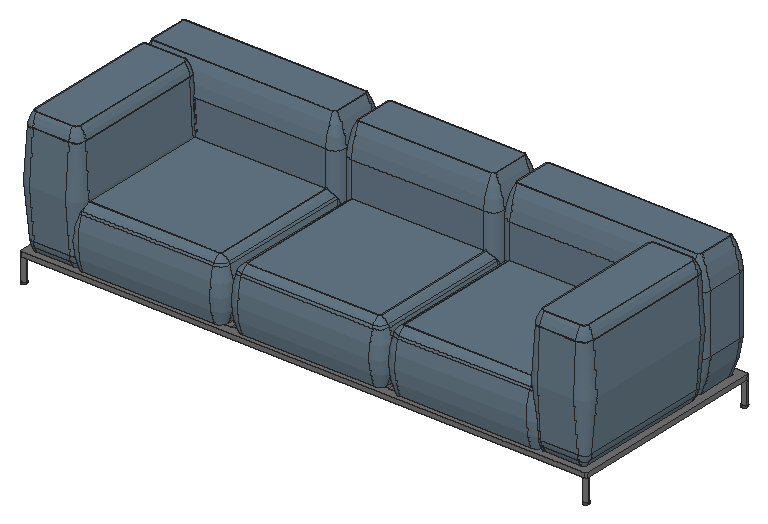
Revit family "Haworth_Mex-Hi_Sofa_TwoArms", category Furniture, Revit 2018 (continued)
Definition of nested family "Haworth_Mex-Hi_Sofa_Seat-Wide-PART"
  Forms (in)
    Extrusion 8, solid, material <- "Seat Upholstery Finish", visible <- "Middle Large Seat"
      sketch origin (4.78944, 14.97405, 0) x (1, 0, 0) y (0, 1, 0)
        loop
          line (8.99067, -14.32811) -> (-30.80933, -14.32811)
          arc (-30.80933, -14.32811) -> (-30.95632, -14.38899) -> (-31.0172, -14.53597) r 0.20787
          line (-31.0172, -14.53597) -> (-31.0172, -37.69252)
          arc (-31.0172, -37.69252) -> (-30.95632, -37.83951) -> (-30.80933, -37.90039) r 0.20787
          line (-30.80933, -37.90039) -> (8.99067, -37.90039)
          arc (8.99067, -37.90039) -> (9.13765, -37.83951) -> (9.19853, -37.69252) r 0.20787
          line (9.19853, -37.69252) -> (9.19853, -14.53597)
      from 4.88189 to 15.36974
  Lines and regions (in)
    Masking region 1, visible <- "Middle Small Seat"
      outline origin (0, 0, 0) x (1, 0, 0) y (0, 1, 0)
        loop
          line (-23.80117, 0.15039) -> (-23.80117, -22.93079)
          arc (-23.80117, -22.93079) -> (-23.06894, -24.69856) -> (-21.30117, -25.43079) r 2.5
          line (-21.30117, -25.43079) -> (9.06138, -25.43079)
          arc (9.06138, -25.43079) -> (10.82915, -24.69856) -> (11.56138, -22.93079) r 2.5
          line (11.56138, -22.93079) -> (11.56138, 0.15039)
          arc (11.56138, 0.15039) -> (10.82915, 1.91816) -> (9.06138, 2.65039) r 2.5
          line (9.06138, 2.65039) -> (-21.30117, 2.65039)
          arc (-21.30117, 2.65039) -> (-23.06894, 1.91816) -> (-23.80117, 0.15039) r 2.5
    Masking region 2, visible <- "L/R Seat"
      outline origin (0, 0, 0) x (1, 0, 0) y (0, 1, 0)
        loop
          line (-19.80117, 0.15039) -> (-19.80117, -22.93079)
          arc (-19.80117, -22.93079) -> (-19.06894, -24.69856) -> (-17.30117, -25.43079) r 2.5
          line (-17.30117, -25.43079) -> (5.06138, -25.43079)
          arc (5.06138, -25.43079) -> (6.82915, -24.69856) -> (7.56138, -22.93079) r 2.5
          line (7.56138, -22.93079) -> (7.56138, 0.15039)
          arc (7.56138, 0.15039) -> (6.82915, 1.91816) -> (5.06138, 2.65039) r 2.5
          line (5.06138, 2.65039) -> (-17.30117, 2.65039)
          arc (-17.30117, 2.65039) -> (-19.06894, 1.91816) -> (-19.80117, 0.15039) r 2.5
    Masking region 3, visible <- "Peninsula Seat"
      outline origin (0, 0, 0) x (1, 0, 0) y (0, 1, 0)
        loop
          line (4.77305, 0.27539) -> (-28.30117, 0.27539)
          arc (-28.30117, 0.27539) -> (-29.89216, -0.38362) -> (-30.55117, -1.97461) r 2.25
          line (-30.55117, -1.97461) -> (-30.55117, -23.05579)
          arc (-30.55117, -23.05579) -> (-29.89216, -24.64678) -> (-28.30117, -25.30579) r 2.25
          line (-28.30117, -25.30579) -> (18.93638, -25.30579)
          arc (18.93638, -25.30579) -> (20.52737, -24.64678) -> (21.18638, -23.05579) r 2.25
          line (21.18638, -23.05579) -> (21.18638, 8.52539)
          arc (21.18638, 8.52539) -> (20.52737, 10.11638) -> (18.93638, 10.77539) r 2.25
          line (18.93638, 10.77539) -> (7.02305, 10.77539)
          arc (7.02305, 10.77539) -> (5.43206, 10.11638) -> (4.77305, 8.52539) r 2.25
          line (4.77305, 8.52539) -> (4.77305, 0.27539)
    Masking region 4, visible <- "Middle Large Seat"
      outline origin (0, 0, 0) x (1, 0, 0) y (0, 1, 0)
        loop
          line (-28.42172, 0.15039) -> (-28.42172, -22.93079)
          arc (-28.42172, -22.93079) -> (-27.68949, -24.69856) -> (-25.92172, -25.43079) r 2.5
          line (-25.92172, -25.43079) -> (13.61448, -25.43079)
          arc (13.61448, -25.43079) -> (15.38225, -24.69856) -> (16.11448, -22.93079) r 2.5
          line (16.11448, -22.93079) -> (16.11448, 0.15039)
          arc (16.11448, 0.15039) -> (15.38225, 1.91816) -> (13.61448, 2.65039) r 2.5
          line (13.61448, 2.65039) -> (-25.92172, 2.65039)
          arc (-25.92172, 2.65039) -> (-27.68949, 1.91816) -> (-28.42172, 0.15039) r 2.5
  Dimensions and locks (in)
    equal spacing: plane 8 "Left", plane 2 "Center L/R", plane 7 "Right"
    "Actual Width": plane 8 "Left" to plane 7 "Right"
    equal spacing: plane 5 "Back", plane 3 "Center F/B", plane 6 "Front"
    "Actual Depth": plane 5 "Back" to plane 6 "Front"
    "Actual Height": plane 4 "Top" to plane 1
    "Seat Height": plane 9 to level
    aligned and locked: Sweep 7 to Extrusion 8 sketch curve
    aligned and locked: Extrusion 8 sketch curve to Sweep 7
  Automatic sketch dimensions
    plane 8 "Left" to Extrusion 1 sketch curve = 2.29174"
    Extrusion 1 sketch curve to Extrusion 1 sketch curve = 0.20787"  (x3)
    Extrusion 1 sketch curve to plane 7 "Right" = 2.49961"  (x2)
    plane 6 "Front" to Extrusion 1 sketch curve = 2.72405"
    Extrusion 1 sketch curve to plane 5 "Back" = 2.71232"
    plane 8 "Left" to Sweep 2 sketch curve = 0.74961"
    Sweep 2 sketch curve to plane 5 "Back" = 0.96232"
    Sweep 2 sketch curve to Sweep 2 sketch curve = 1.75"  (x2)
    plane 6 "Front" to Sweep 2 sketch curve = 1.18191"
    Sweep 2 sketch curve to plane 7 "Right" = 2.49961"  (x2)
    Sweep 2 sketch curve to plane 7 "Right" = 0.74961"
    profile plane to Sweep 2 sketch curve = 12.08096"
    profile plane to Sweep 2 sketch curve = 3.28358"
    profile plane to Sweep 2 sketch curve = 1.54213"
    profile plane to Sweep 2 sketch curve = 1.45935"
    profile plane to Sweep 2 sketch curve = 0.41268"
    level to Sweep 2 sketch curve = 4.88189"
    level to Sweep 2 sketch curve = 9.80008"
    Sweep 2 sketch curve to Sweep 2 sketch curve = 7.21954"
    Sweep 2 sketch curve to Sweep 2 sketch curve = 1.36158"
    Sweep 2 sketch curve to Sweep 2 sketch curve = 1.90673"
    Sweep 2 sketch curve to Sweep 2 sketch curve = 0.00"
    plane 6 "Front" to Extrusion 3 sketch curve = 2.93191"  (x2)
    plane 8 "Left" to Extrusion 3 sketch curve = 6.29174"
    Extrusion 3 sketch curve to Extrusion 3 sketch curve = 0.20787"  (x2)
    Extrusion 3 sketch curve to plane 5 "Back" = 2.71232"
    Extrusion 3 sketch curve to plane 7 "Right" = 6.49961"  (x2)
    plane 8 "Left" to Sweep 4 sketch curve = 4.74961"
    Sweep 4 sketch curve to plane 5 "Back" = 0.96232"
    Sweep 4 sketch curve to Sweep 4 sketch curve = 1.75"  (x3)
    plane 6 "Front" to Sweep 4 sketch curve = 1.18191"
    plane 6 "Front" to Sweep 4 sketch curve = 2.93191"
    Sweep 4 sketch curve to plane 7 "Right" = 6.49961"
    profile plane to Sweep 4 sketch curve = 12.08096"
    profile plane to Sweep 4 sketch curve = 3.28358"
    profile plane to Sweep 4 sketch curve = 1.54213"
    profile plane to Sweep 4 sketch curve = 1.45935"
    profile plane to Sweep 4 sketch curve = 0.41268"
    level to Sweep 4 sketch curve = 4.88189"
    level to Sweep 4 sketch curve = 9.80008"
    Sweep 4 sketch curve to Sweep 4 sketch curve = 7.21954"
    Sweep 4 sketch curve to Sweep 4 sketch curve = 1.36158"
    Sweep 4 sketch curve to Sweep 4 sketch curve = 1.90673"
    Sweep 4 sketch curve to Sweep 4 sketch curve = 0.00"
    plane 8 "Left" to Masking region 1 sketch curve = 0.16833"
    plane 6 "Front" to Masking region 1 sketch curve = 0.4696"
    plane 8 "Left" to Masking region 1 sketch curve = 2.66833"
    Masking region 1 sketch curve to Masking region 1 sketch curve = 2.50"
    Masking region 1 sketch curve to plane 5 "Back" = 0.25"
    Masking region 1 sketch curve to plane 7 "Right" = 2.66833"  (x2)
    Masking region 1 sketch curve to plane 7 "Right" = 0.16833"
    plane 8 "Left" to Masking region 2 sketch curve = 4.16833"
    Masking region 2 sketch curve to Masking region 2 sketch curve = 2.50"  (x3)
    Masking region 2 sketch curve to plane 5 "Back" = 0.25"
    Masking region 2 sketch curve to plane 7 "Right" = 6.66833"  (x2)
    plane 6 "Front" to Masking region 2 sketch curve = 0.4696"
    Sweep 5 sketch curve to plane 8 "Left" = 5.99435"
    Sweep 5 sketch curve to Sweep 5 sketch curve = 1.75"  (x4)
    Sweep 5 sketch curve to plane 7 "Right" = 6.36935"
    plane 7 "Right" to Sweep 5 sketch curve = 7.11935"  (x2)
    plane 6 "Front" to Sweep 5 sketch curve = 2.93191"
    Sweep 5 sketch curve to plane 5 "Back" = 4.96232"
    plane 5 "Back" to Sweep 5 sketch curve = 5.53768"
    profile plane to Sweep 5 sketch curve = 12.08096"
    profile plane to Sweep 5 sketch curve = 3.28358"
    profile plane to Sweep 5 sketch curve = 1.54213"
    profile plane to Sweep 5 sketch curve = 1.45935"
    profile plane to Sweep 5 sketch curve = 0.41268"
    level to Sweep 5 sketch curve = 4.88189"
    level to Sweep 5 sketch curve = 9.80008"
    Sweep 5 sketch curve to Sweep 5 sketch curve = 7.21954"
    Sweep 5 sketch curve to Sweep 5 sketch curve = 1.36158"
    Sweep 5 sketch curve to Sweep 5 sketch curve = 1.90673"
    Sweep 5 sketch curve to Sweep 5 sketch curve = 0.00"
    Extrusion 6 sketch curve to plane 8 "Left" = 4.45222"
    Extrusion 6 sketch curve to Extrusion 6 sketch curve = 0.20787"  (x4)
    Extrusion 6 sketch curve to plane 7 "Right" = 4.82722"
    plane 6 "Front" to Extrusion 6 sketch curve = 2.72405"
    plane 7 "Right" to Extrusion 6 sketch curve = 7.11935"  (x2)
    Extrusion 6 sketch curve to plane 5 "Back" = 4.96232"
    plane 5 "Back" to Extrusion 6 sketch curve = 5.53768"
    Masking region 3 sketch curve to plane 8 "Left" = 6.58167"
    plane 6 "Front" to Masking region 3 sketch curve = 0.5946"
    Masking region 3 sketch curve to Masking region 3 sketch curve = 2.25"  (x4)
    Masking region 3 sketch curve to plane 5 "Back" = 2.625"
    Masking region 3 sketch curve to plane 7 "Right" = 6.95667"
    plane 7 "Right" to Masking region 3 sketch curve = 7.20667"  (x2)
    plane 5 "Back" to Masking region 3 sketch curve = 5.625"
    Sweep 7 sketch curve to plane 8 "Left" = 3.80039"
    Sweep 7 sketch curve to plane 5 "Back" = 0.96232"
    Sweep 7 sketch curve to plane 8 "Left" = 2.05039"  (x2)
    plane 6 "Front" to Sweep 7 sketch curve = 1.18191"
    plane 7 "Right" to Sweep 7 sketch curve = 2.05039"  (x2)
    Sweep 7 sketch curve to Sweep 7 sketch curve = 1.75"
    profile plane to Sweep 7 sketch curve = 12.08096"
    profile plane to Sweep 7 sketch curve = 3.28358"
    profile plane to Sweep 7 sketch curve = 1.54213"
    profile plane to Sweep 7 sketch curve = 1.45935"
    profile plane to Sweep 7 sketch curve = 0.41268"
    level to Sweep 7 sketch curve = 4.88189"
    level to Sweep 7 sketch curve = 9.80008"
    Sweep 7 sketch curve to Sweep 7 sketch curve = 7.21954"
    Sweep 7 sketch curve to Sweep 7 sketch curve = 1.36158"
    Sweep 7 sketch curve to Sweep 7 sketch curve = 1.90673"
    Sweep 7 sketch curve to Sweep 7 sketch curve = 0.00"
    Extrusion 8 sketch curve to Extrusion 8 sketch curve = 0.20787"  (x4)
    plane 6 "Front" to Extrusion 8 sketch curve = 2.97405"
    Extrusion 8 sketch curve to plane 5 "Back" = 2.46232"
    Masking region 4 sketch curve to plane 5 "Back" = 2.75"
    Masking region 4 sketch curve to plane 8 "Left" = 4.45222"
    plane 6 "Front" to Masking region 4 sketch curve = 0.4696"
    Masking region 4 sketch curve to plane 8 "Left" = 1.95222"  (x2)
    plane 7 "Right" to Masking region 4 sketch curve = 1.88477"  (x2)
    Masking region 4 sketch curve to Masking region 4 sketch curve = 2.50"
Definition of nested family "Haworth_Mex-Hi_Sofa_Arm-Wide-PART"
  Parameters (values of type "Arm Wide - PART")
    Warranty = "http://www.haworth.com/resources/product-info/warranties"
    URL - Product = "https://www.haworth.com/na/en/products/lounge-sofas/ottomans/mex-hi-seating.html"
    URL = "https://www.haworth.com/na/en/about/brands/haworth-collection.html"
    Sustainability Info = "https://www.haworth.com/na/en/expertise/sustainability.html"
    Size = "Verify Final Dim. w/ Haworth"  # constant formula
    Seat Height = 17.00"  # constant formula
    Revision Number = "1"  # constant formula
    Model = "Haworth - Cassina - Mex-Hi"  # constant formula
    Manufacturer = "Haworth"  # constant formula
    Description = "Haworth - Cassina - Mex-Hi - Arm - Wide - PART"  # constant formula
    Author = "Haworth (Abd Rahman)"  # constant formula
    Assembly Code = "E2020200"
    Arm Finish [instance] = none
    Actual Width = 10.60"  # constant formula
    Actual Height = 27.39844"  # constant formula
    Actual Depth = 26.95"  # constant formula
  Reference planes (in)
    plane 1: z = 0
    plane 2 "Top": z = 27.39844
    plane 3: z = 17
    plane 4 "Center (Left/Right)": x = -6.86693
    plane 5 "Right": x = -1.56693
    plane 6 "Left": x = -12.16693
    plane 7 "Back": y = 4.0526
    plane 8 "Front": y = -22.8974
    plane 9 "Center (Front/Back)": y = -9.4224
  Forms (in)
    Extrusion 1, solid, material <- "Arm Finish"
      sketch origin (0.63191, -49.7521, 0) x (0, -1, 0) y (1, 0, 0)
        loop
          arc (-51.61789, -3.68512) -> (-52.10354, -3.88628) -> (-52.3047, -4.37193) r 0.68681
          line (-52.3047, -4.37193) -> (-52.3047, -10.62086)
          arc (-52.3047, -10.62086) -> (-52.10354, -11.10651) -> (-51.61789, -11.30768) r 0.68681
          line (-51.61789, -11.30768) -> (-29.02629, -11.30768)
          arc (-29.02629, -11.30768) -> (-28.54064, -11.10651) -> (-28.33948, -10.62086) r 0.68681
          line (-28.33948, -10.62086) -> (-28.33948, -4.37193)
          arc (-28.33948, -4.37193) -> (-28.54064, -3.88628) -> (-29.02629, -3.68512) r 0.68681
          line (-29.02629, -3.68512) -> (-51.61789, -3.68512)
      from 4.93145 to 26.69365
    Sweep 2, solid, material <- "Arm Finish"
      path origin (2.28007, -11.64795, 0) x (0, -1, 0) y (1, 0, 0)
        loop
          arc (-13.51374, -5.2201) -> (-14.07942, -5.45441) -> (-14.31374, -6.0201) r 0.8
          line (-14.31374, -6.0201) -> (-14.31374, -12.26903)
          arc (-14.31374, -12.26903) -> (-14.07942, -12.83471) -> (-13.51374, -13.06903) r 0.8
          line (-13.51374, -13.06903) -> (9.07287, -13.06903)
          arc (9.07287, -13.06903) -> (9.63856, -12.83471) -> (9.87287, -12.26903) r 0.8
          line (9.87287, -12.26903) -> (9.87287, -6.0201)
          arc (9.87287, -6.0201) -> (9.63856, -5.45441) -> (9.07287, -5.2201) r 0.8
          line (9.07287, -5.2201) -> (-13.51374, -5.2201)
      profile origin (-2.94003, -9.42752, 0) x (1, 0, 0) y (0, 0, 1)
        loop
          arc (-0.11319, 4.93145) -> (0.10629, 5.35475) -> (0.30664, 5.78743) r 10.67748
          arc (0.30664, 5.78743) -> (0.49657, 6.31175) -> (0.61822, 6.85598) r 4.37313
          arc (0.61822, 6.85598) -> (1.36933, 15.6991) -> (0.85457, 24.55912) r 62.21694
          arc (0.85457, 24.55912) -> (0.85037, 24.58806) -> (0.84533, 24.61687) r 1
          arc (0.84533, 24.61687) -> (0.49365, 25.71414) -> (-0.11319, 26.69365) r 4.72445
          line (-0.11319, 26.69365) -> (-0.11319, 4.93145)
  Lines and regions (in)
    Masking region 1
      outline origin (0, 0, 0) x (1, 0, 0) y (0, 1, 0)
        loop
          line (-3.71693, 4.0526) -> (-10.01693, 4.0526)
          arc (-10.01693, 4.0526) -> (-11.53721, 3.42288) -> (-12.16693, 1.9026) r 2.15
          line (-12.16693, 1.9026) -> (-12.16693, -20.74456)
          arc (-12.16693, -20.74456) -> (-11.53638, -22.26685) -> (-10.0141, -22.8974) r 2.15284
          line (-10.0141, -22.8974) -> (-3.71693, -22.8974)
          arc (-3.71693, -22.8974) -> (-2.19665, -22.26768) -> (-1.56693, -20.7474) r 2.15
          line (-1.56693, -20.7474) -> (-1.56693, 1.9026)
          arc (-1.56693, 1.9026) -> (-2.19665, 3.42288) -> (-3.71693, 4.0526) r 2.15
  Dimensions and locks (in)
    "Actual Height": plane 2 "Top" to plane 1
    "Seat Height": plane 3 to level
    equal spacing: plane 6 "Left", plane 4 "Center (Left/Right)", plane 5 "Right"
    "Actual Width": plane 6 "Left" to plane 5 "Right"
    equal spacing: plane 8 "Front", plane 9 "Center (Front/Back)", plane 7 "Back"
    "Actual Depth": plane 8 "Front" to plane 7 "Back"
  Automatic sketch dimensions
    Sweep 2 sketch curve to Sweep 2 sketch curve = 0.80"  (x3)
    Sweep 2 sketch curve to Sweep 2 sketch curve = 0.00"  (x4)
    Sweep 2 sketch curve to Sweep 2 sketch curve = 6.24893"
    level to Sweep 2 sketch curve = 16.52967"
    profile plane to Sweep 2 sketch curve = 60.84208"
    profile plane to Sweep 2 sketch curve = 9.48023"
    profile plane to Sweep 2 sketch curve = 3.79596"
    profile plane to Sweep 2 sketch curve = 3.70172"
    profile plane to Sweep 2 sketch curve = 0.13707"
    profile plane to Sweep 2 sketch curve = 0.11319"
    level to Sweep 2 sketch curve = 10.05658"
    Sweep 2 sketch curve to Sweep 2 sketch curve = 2.52065"
    Sweep 2 sketch curve to Sweep 2 sketch curve = 2.60448"
    Sweep 2 sketch curve to Sweep 2 sketch curve = 13.67773"
    Sweep 2 sketch curve to Sweep 2 sketch curve = 0.69575"
    Sweep 2 sketch curve to Sweep 2 sketch curve = 2.26359"
    Extrusion 1 sketch curve to Extrusion 1 sketch curve = 0.68681"  (x3)
    Extrusion 1 sketch curve to Extrusion 1 sketch curve = 22.5916"
    Extrusion 1 sketch curve to Extrusion 1 sketch curve = 0.00"
    Extrusion 1 sketch curve to Extrusion 1 sketch curve = 6.24893"
    plane 6 "Left" to Extrusion 1 sketch curve = 1.49116"
    plane 6 "Left" to Sweep 2 sketch curve = 1.37798"
    plane 7 "Back" to Extrusion 1 sketch curve = 1.50"
    plane 7 "Back" to Sweep 2 sketch curve = 1.38681"
    plane 8 "Front" to Sweep 2 sketch curve = 2.17657"
    Masking region 1 sketch curve to plane 6 "Left" = 0.00"
    plane 6 "Left" to Masking region 1 sketch curve = 2.15"
    plane 8 "Front" to Masking region 1 sketch curve = 2.15284"
    Masking region 1 sketch curve to Masking region 1 sketch curve = 2.15284"
    Masking region 1 sketch curve to plane 5 "Right" = 2.15"  (x2)
    Masking region 1 sketch curve to plane 5 "Right" = 0.00"
    plane 7 "Back" to Masking region 1 sketch curve = 2.15"
Types (2): name | Two Seats | Three Seats | Description | Actual Width
  Three Seat Sofa | no | yes | "Haworth - Cassina - Mex-Hi - Sofa - With Two Arms - Three Seat" | 98.40"
  Two Seat Sofa | yes | no | "Haworth - Cassina - Mex-Hi - Sofa - With Two Arms - Wide Two Seat" | 70.90"
